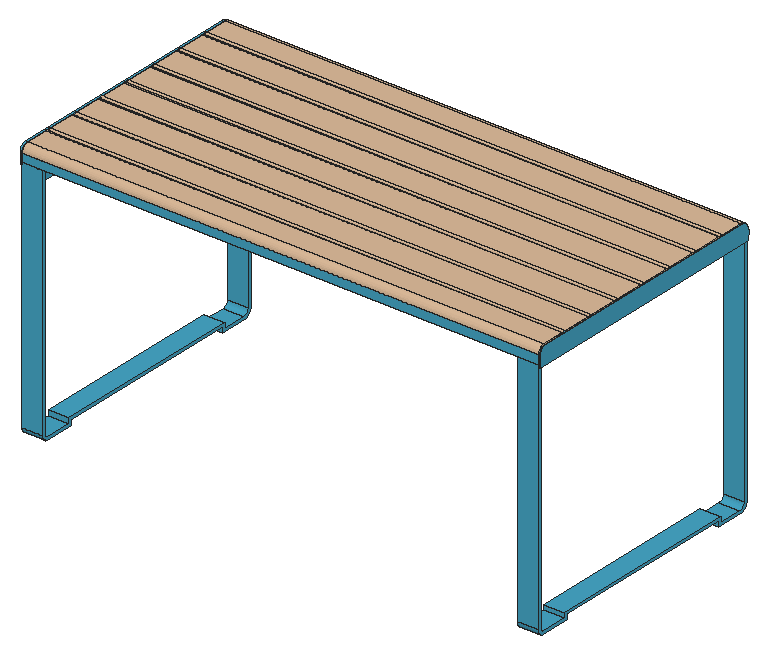
Revit family "product code 61212-S-L", category Meble, Revit 2021
Family settings
  Numer OmniClass = 23.40.20.00
  Tytuł OmniClass = General Furniture and Specialties
  Oparty na płaszczyźnie roboczej = Nie
  Zawsze pionowo = Tak
  Tnij formami wycięć po wczytaniu = Nie
  Współdzielony = Nie
  Punkt obliczania pomieszczeń = Nie
Parameters (values of type "61212-S-L")
  wood = Kobenhagen Wood - Larch
  metal = Kobenhagen RAL 5012
  Width = "75 cm"
  Weight = "55 kg"
  URL = "https://kobenhagen.com/en_US/p/Frederiksberg-Table-4-6-Seats/145"
  Product line = "Frederiksberg"
  Product Groups = "Tables"
  Producent = "Lars Laj"
  Keynote = ""
  Opis = "Frederiksberg Table 4-6 Seats"
  Model = "61212-S-L"
  Material = "Larch, stainless steel, powder coated steel"
  Maintenance = "We recommend to examine and tighten all screws and bolt clamps after a few weeks’ use. In order to prevent cracks and to extend the life of the wood, it is recommended that the wood details should be oiled every 3-5 years."
  Lenght = "150 cm"
  Type Comments = ""
  Kobenhagen Materials = "larslaj.com/bim"
  Hosted on larslaj.com = "https://larslaj.com/bim"
  Height = "75 cm"
  Domyślna rzędna = 0 mm
  Copyright = "All designs and drawings are the intellectual property of Lars Laj A/S and are protected by Danish and international copyright laws."
Reference planes
  plane 1 "front": y = 0
  plane 2: z = 0
  plane 3 "Środek (Lewa/Prawa)": x = 0
  plane 4 "left": x = -745.625
  plane 5 "right": x = 745.938
  plane 6 "back": y = 400
  plane 7: x = -685.625
  plane 8: x = 685.937
  plane 9: z = 705.918
Forms (mm)
  Extrusion 1, solid, material "Kobenhagen Wood - Larch" <- "wood"
    sketch origin (0, -51.366, 319.828) x (0, 1, 0) y (0, 0, 1)
      loop
        arc (244.222, 429.703) -> (240.686, 428.239) -> (239.222, 424.703) r 5
        line (239.222, 424.703) -> (239.222, 388.972)
        arc (239.222, 388.972) -> (239.796, 387.586) -> (241.182, 387.012) r 1.96
        line (241.182, 387.012) -> (327.222, 387.012)
        arc (327.222, 387.012) -> (328.636, 387.598) -> (329.222, 389.012) r 2
        line (329.222, 389.012) -> (329.222, 424.703)
        arc (329.222, 424.703) -> (327.757, 428.239) -> (324.222, 429.703) r 5
        line (324.222, 429.703) -> (244.222, 429.703)
    from -745.625 to 745.937
  Extrusion 2, solid, material "Kobenhagen Wood - Larch" <- "wood"
    sketch origin (0, -153.815, 319.828) x (0, 1, 0) y (0, 0, 1)
      loop
        arc (252.671, 429.703) -> (249.136, 428.239) -> (247.671, 424.703) r 5
        line (247.671, 424.703) -> (247.671, 388.972)
        arc (247.671, 388.972) -> (248.245, 387.586) -> (249.631, 387.012) r 1.96
        line (249.631, 387.012) -> (335.671, 387.012)
        arc (335.671, 387.012) -> (337.085, 387.598) -> (337.671, 389.012) r 2
        line (337.671, 389.012) -> (337.671, 424.703)
        arc (337.671, 424.703) -> (336.207, 428.239) -> (332.671, 429.703) r 5
        line (332.671, 429.703) -> (252.671, 429.703)
    from -745.625 to 745.937
  Extrusion 3, solid, material "Kobenhagen Wood - Larch" <- "wood"
    sketch origin (0, -256.002, 319.828) x (0, 1, 0) y (0, 0, 1)
      loop
        arc (275.801, 429.704) -> (261.616, 423.828) -> (255.74, 409.642) r 20.061
        line (255.74, 409.642) -> (258.916, 409.642) -> (258.916, 387.013) -> (344.172, 387.013)
        arc (344.172, 387.013) -> (345.585, 387.598) -> (346.171, 389.012) r 1.999
        line (346.171, 389.012) -> (346.171, 424.706)
        arc (346.171, 424.706) -> (344.707, 428.24) -> (341.173, 429.704) r 4.998
        line (341.173, 429.704) -> (275.801, 429.704)
    from -745.625 to 745.937
  Extrusion 4, solid, material "Kobenhagen RAL 5012" <- "metal", not visible
    sketch origin (0, 0, 0) x (0, 1, 0) y (0, 0, 1)
      loop
        arc (71.187, 451.5) -> (57.045, 445.642) -> (51.187, 431.5) r 20
        line (51.187, 431.5) -> (51.187, 18.231)
        arc (51.187, 18.231) -> (56.527, 5.34) -> (69.418, 0) r 18.231
        line (69.418, 0) -> (153.638, 0) -> (153.638, 15) -> (448.638, 15) -> (448.638, 0) -> (527.023, 0)
        arc (527.023, 0) -> (542.307, 6.331) -> (548.638, 21.615) r 21.615
        line (548.638, 21.615) -> (548.638, 429.407)
        arc (548.638, 429.407) -> (542.168, 445.029) -> (526.545, 451.5) r 22.093
        line (526.545, 451.5) -> (71.187, 451.5)
    from 750.378 to 745
  Extrusion 5, solid, material "Kobenhagen RAL 5012" <- "metal", not visible
    sketch origin (0, 0, 0) x (0, 1, 0) y (0, 0, 1)
      loop
        line (548.638, 396.844) -> (629.375, 854.725) -> (601.836, 859.581)
        arc (601.836, 859.581) -> (585.224, 855.898) -> (576.082, 841.547) r 22.232
        line (576.082, 841.547) -> (507.306, 451.5) -> (526.545, 451.5)
        arc (526.545, 451.5) -> (542.168, 445.029) -> (548.638, 429.407) r 22.093
        line (548.638, 429.407) -> (548.638, 396.844)
    from 745 to 750.378
  Extrusion 6, solid, material "Kobenhagen RAL 5012" <- "metal"
    sketch origin (0, -51.25, 0) x (0, -1, 0) y (0, 0, 1)
      loop
        line (-71.187, 749.531) -> (-779.045, 749.531)
        arc (-779.045, 749.531) -> (-794.668, 743.06) -> (-801.138, 727.438) r 22.093
        line (-801.138, 727.438) -> (-801.138, 697.931) -> (-51.187, 697.931) -> (-51.187, 729.531)
        arc (-51.187, 729.531) -> (-57.045, 743.673) -> (-71.187, 749.531) r 20
    from 750.725 to 745.625
  Extrusion 7, solid, material "Kobenhagen RAL 5012" <- "metal"
    sketch origin (0, -51.25, 0) x (0, 1, 0) y (0, 0, 1)
      loop
        line (801.138, 23.296) -> (801.138, 704.508) -> (51.187, 704.508) -> (51.187, 18.763)
        arc (51.187, 18.763) -> (56.683, 5.495) -> (69.95, 0) r 18.763
        line (69.95, 0) -> (153.638, 0) -> (153.638, 15) -> (701.138, 15) -> (701.138, 0) -> (777.842, 0)
        arc (777.842, 0) -> (794.315, 6.823) -> (801.138, 23.296) r 23.296
      loop
        line (58.687, 697.931) -> (58.687, 18.763)
        arc (58.687, 18.763) -> (61.986, 10.799) -> (69.95, 7.5) r 11.263
        line (69.95, 7.5) -> (146.138, 7.5) -> (146.138, 22.5) -> (708.638, 22.5) -> (708.638, 7.5) -> (777.842, 7.5)
        arc (777.842, 7.5) -> (789.012, 12.127) -> (793.638, 23.296) r 15.796
        line (793.638, 23.296) -> (793.638, 697.931) -> (58.687, 697.931)
    from -745.625 to -685.625
  Extrusion 8, solid, material "Kobenhagen RAL 5012" <- "metal"
    sketch origin (0, -51.335, 298.368) x (0, 1, 0) y (0, 0, 1)
      loop
        line (53.936, 431.102) -> (51.187, 431.102) -> (51.187, 406.163) -> (74.817, 406.163) -> (74.817, 408.472) -> (53.936, 408.472) -> (53.936, 431.102)
    from -745.625 to 745.937
  Extrusion 9, solid, material "Kobenhagen Wood - Larch" <- "wood"
    sketch origin (0, 1006.419, 319.828) x (0, -1, 0) y (0, 0, -1)
      loop
        line (275.801, -429.704) -> (342.815, -429.704)
        arc (342.815, -429.704) -> (346.349, -428.24) -> (347.813, -424.706) r 4.998
        line (347.813, -424.706) -> (347.813, -389.012)
        arc (347.813, -389.012) -> (347.227, -387.598) -> (345.813, -387.013) r 1.999
        line (345.813, -387.013) -> (258.705, -387.013) -> (258.705, -409.642) -> (255.74, -409.642)
        arc (255.74, -409.642) -> (261.616, -423.828) -> (275.801, -429.704) r 20.061
    from -745.625 to 745.938
  Extrusion 10, solid, material "Kobenhagen Wood - Larch" <- "wood"
    sketch origin (0, 137.384, 319.828) x (0, 1, 0) y (0, 0, 1)
      loop
        arc (244.222, 429.703) -> (240.686, 428.239) -> (239.222, 424.703) r 5
        line (239.222, 424.703) -> (239.222, 388.972)
        arc (239.222, 388.972) -> (239.796, 387.586) -> (241.182, 387.012) r 1.96
        line (241.182, 387.012) -> (327.222, 387.012)
        arc (327.222, 387.012) -> (328.636, 387.598) -> (329.222, 389.012) r 2
        line (329.222, 389.012) -> (329.222, 424.703)
        arc (329.222, 424.703) -> (327.757, 428.239) -> (324.222, 429.703) r 5
        line (324.222, 429.703) -> (244.222, 429.703)
    from -745.625 to 745.937
  Extrusion 11, solid, material "Kobenhagen Wood - Larch" <- "wood"
    sketch origin (0, 34.935, 319.828) x (0, 1, 0) y (0, 0, 1)
      loop
        arc (252.671, 429.703) -> (249.136, 428.239) -> (247.671, 424.703) r 5
        line (247.671, 424.703) -> (247.671, 388.972)
        arc (247.671, 388.972) -> (248.245, 387.586) -> (249.631, 387.012) r 1.96
        line (249.631, 387.012) -> (335.671, 387.012)
        arc (335.671, 387.012) -> (337.085, 387.598) -> (337.671, 389.012) r 2
        line (337.671, 389.012) -> (337.671, 424.703)
        arc (337.671, 424.703) -> (336.207, 428.239) -> (332.671, 429.703) r 5
        line (332.671, 429.703) -> (252.671, 429.703)
    from -745.625 to 745.937
  Extrusion 12, solid, material "Kobenhagen Wood - Larch" <- "wood"
    sketch origin (0, 325.384, 319.828) x (0, 1, 0) y (0, 0, 1)
      loop
        arc (244.222, 429.703) -> (240.686, 428.239) -> (239.222, 424.703) r 5
        line (239.222, 424.703) -> (239.222, 388.972)
        arc (239.222, 388.972) -> (239.796, 387.586) -> (241.182, 387.012) r 1.96
        line (241.182, 387.012) -> (327.222, 387.012)
        arc (327.222, 387.012) -> (328.636, 387.598) -> (329.222, 389.012) r 2
        line (329.222, 389.012) -> (329.222, 424.703)
        arc (329.222, 424.703) -> (327.757, 428.239) -> (324.222, 429.703) r 5
        line (324.222, 429.703) -> (244.222, 429.703)
    from -745.625 to 745.937
  Extrusion 13, solid, material "Kobenhagen Wood - Larch" <- "wood"
    sketch origin (0, 222.31, 319.828) x (0, 1, 0) y (0, 0, 1)
      loop
        arc (252.671, 429.703) -> (249.136, 428.239) -> (247.671, 424.703) r 5
        line (247.671, 424.703) -> (247.671, 388.972)
        arc (247.671, 388.972) -> (248.245, 387.586) -> (249.631, 387.012) r 1.96
        line (249.631, 387.012) -> (335.671, 387.012)
        arc (335.671, 387.012) -> (337.085, 387.598) -> (337.671, 389.012) r 2
        line (337.671, 389.012) -> (337.671, 424.703)
        arc (337.671, 424.703) -> (336.207, 428.239) -> (332.671, 429.703) r 5
        line (332.671, 429.703) -> (252.671, 429.703)
    from -745.625 to 745.937
  Extrusion 14, solid, material "Kobenhagen Wood - Larch" <- "wood", not visible
    sketch origin (0, -896.088, 385.255) x (0, 1, 0) y (0, 0, 1)
      loop
        arc (244.222, 429.703) -> (240.686, 428.239) -> (239.222, 424.703) r 5
        line (239.222, 424.703) -> (239.222, 388.972)
        arc (239.222, 388.972) -> (239.796, 387.586) -> (241.182, 387.012) r 1.96
        line (241.182, 387.012) -> (327.222, 387.012)
        arc (327.222, 387.012) -> (328.636, 387.598) -> (329.222, 389.012) r 2
        line (329.222, 389.012) -> (329.222, 424.703)
        arc (329.222, 424.703) -> (327.757, 428.239) -> (324.222, 429.703) r 5
        line (324.222, 429.703) -> (244.222, 429.703)
    from -745.625 to 745.937
  Extrusion 15, solid, material "Kobenhagen Wood - Larch" <- "wood", not visible
    sketch origin (0, -998.538, 385.255) x (0, 1, 0) y (0, 0, 1)
      loop
        arc (252.671, 429.703) -> (249.136, 428.239) -> (247.671, 424.703) r 5
        line (247.671, 424.703) -> (247.671, 388.972)
        arc (247.671, 388.972) -> (248.245, 387.586) -> (249.631, 387.012) r 1.96
        line (249.631, 387.012) -> (335.671, 387.012)
        arc (335.671, 387.012) -> (337.085, 387.598) -> (337.671, 389.012) r 2
        line (337.671, 389.012) -> (337.671, 424.703)
        arc (337.671, 424.703) -> (336.207, 428.239) -> (332.671, 429.703) r 5
        line (332.671, 429.703) -> (252.671, 429.703)
    from -745.625 to 745.937
  Extrusion 16, solid, material "Kobenhagen Wood - Larch" <- "wood", not visible
    sketch origin (0, -1101.038, 385.255) x (0, 1, 0) y (0, 0, 1)
      loop
        arc (275.801, 429.704) -> (261.616, 423.828) -> (255.74, 409.642) r 20.061
        line (255.74, 409.642) -> (258.916, 409.642) -> (258.916, 387.013) -> (344.172, 387.013)
        arc (344.172, 387.013) -> (345.585, 387.598) -> (346.171, 389.012) r 1.999
        line (346.171, 389.012) -> (346.171, 424.706)
        arc (346.171, 424.706) -> (344.707, 428.24) -> (341.173, 429.704) r 4.998
        line (341.173, 429.704) -> (275.801, 429.704)
    from -745.625 to 745.937
  Extrusion 17, solid, material "Kobenhagen RAL 5012" <- "metal", not visible
    sketch origin (0, -896.058, 363.795) x (0, 1, 0) y (0, 0, 1)
      loop
        line (53.936, 431.102) -> (51.187, 431.102) -> (51.187, 407.787) -> (53.936, 407.787) -> (53.936, 431.102)
    from -745.625 to 745.937
  Extrusion 18, solid, material "Kobenhagen Wood - Larch" <- "wood", not visible
    sketch origin (0, 162.946, 385.255) x (0, -1, 0) y (0, 0, -1)
      loop
        line (275.801, -429.704) -> (342.815, -429.704)
        arc (342.815, -429.704) -> (346.349, -428.24) -> (347.813, -424.706) r 4.998
        line (347.813, -424.706) -> (347.813, -389.012)
        arc (347.813, -389.012) -> (347.227, -387.598) -> (345.813, -387.013) r 1.999
        line (345.813, -387.013) -> (258.705, -387.013) -> (258.705, -409.642) -> (255.74, -409.642)
        arc (255.74, -409.642) -> (261.616, -423.828) -> (275.801, -429.704) r 20.061
    from -745.625 to 745.938
  Extrusion 19, solid, material "Kobenhagen RAL 5012" <- "metal", not visible
    sketch origin (0, -41.823, 363.795) x (0, -1, 0) y (0, 0, -1)
      loop
        line (53.936, -431.102) -> (53.936, -407.787) -> (51.187, -407.787) -> (51.187, -431.102) -> (53.936, -431.102)
    from -745.625 to 745.938
  Extrusion 20, solid, material "Kobenhagen Wood - Larch" <- "wood", not visible
    sketch origin (0, -707.338, 385.255) x (0, 1, 0) y (0, 0, 1)
      loop
        arc (244.222, 429.703) -> (240.686, 428.239) -> (239.222, 424.703) r 5
        line (239.222, 424.703) -> (239.222, 388.972)
        arc (239.222, 388.972) -> (239.796, 387.586) -> (241.182, 387.012) r 1.96
        line (241.182, 387.012) -> (327.222, 387.012)
        arc (327.222, 387.012) -> (328.636, 387.598) -> (329.222, 389.012) r 2
        line (329.222, 389.012) -> (329.222, 424.703)
        arc (329.222, 424.703) -> (327.757, 428.239) -> (324.222, 429.703) r 5
        line (324.222, 429.703) -> (244.222, 429.703)
    from -745.625 to 745.937
  Extrusion 21, solid, material "Kobenhagen Wood - Larch" <- "wood", not visible
    sketch origin (0, -809.788, 385.255) x (0, 1, 0) y (0, 0, 1)
      loop
        arc (252.671, 429.703) -> (249.136, 428.239) -> (247.671, 424.703) r 5
        line (247.671, 424.703) -> (247.671, 388.972)
        arc (247.671, 388.972) -> (248.245, 387.586) -> (249.631, 387.012) r 1.96
        line (249.631, 387.012) -> (335.671, 387.012)
        arc (335.671, 387.012) -> (337.085, 387.598) -> (337.671, 389.012) r 2
        line (337.671, 389.012) -> (337.671, 424.703)
        arc (337.671, 424.703) -> (336.207, 428.239) -> (332.671, 429.703) r 5
        line (332.671, 429.703) -> (252.671, 429.703)
    from -745.625 to 745.937
  Extrusion 22, solid, material "Kobenhagen Wood - Larch" <- "wood", not visible
    sketch origin (0, -519.338, 385.255) x (0, 1, 0) y (0, 0, 1)
      loop
        arc (244.222, 429.703) -> (240.686, 428.239) -> (239.222, 424.703) r 5
        line (239.222, 424.703) -> (239.222, 388.972)
        arc (239.222, 388.972) -> (239.796, 387.586) -> (241.182, 387.012) r 1.96
        line (241.182, 387.012) -> (327.222, 387.012)
        arc (327.222, 387.012) -> (328.636, 387.598) -> (329.222, 389.012) r 2
        line (329.222, 389.012) -> (329.222, 424.703)
        arc (329.222, 424.703) -> (327.757, 428.239) -> (324.222, 429.703) r 5
        line (324.222, 429.703) -> (244.222, 429.703)
    from -745.625 to 745.937
  Extrusion 23, solid, material "Kobenhagen Wood - Larch" <- "wood", not visible
    sketch origin (0, -621.788, 385.255) x (0, 1, 0) y (0, 0, 1)
      loop
        arc (252.671, 429.703) -> (249.136, 428.239) -> (247.671, 424.703) r 5
        line (247.671, 424.703) -> (247.671, 388.972)
        arc (247.671, 388.972) -> (248.245, 387.586) -> (249.631, 387.012) r 1.96
        line (249.631, 387.012) -> (335.671, 387.012)
        arc (335.671, 387.012) -> (337.085, 387.598) -> (337.671, 389.012) r 2
        line (337.671, 389.012) -> (337.671, 424.703)
        arc (337.671, 424.703) -> (336.207, 428.239) -> (332.671, 429.703) r 5
        line (332.671, 429.703) -> (252.671, 429.703)
    from -745.625 to 745.937
  Extrusion 24, solid, material "Kobenhagen RAL 5012" <- "metal"
    sketch origin (0, -51.25, 0) x (0, 1, 0) y (0, 0, -1)
      loop
        arc (801.138, -23.296) -> (794.315, -6.823) -> (777.842, 0) r 23.296
        line (777.842, 0) -> (701.138, 0) -> (701.138, -15) -> (153.638, -15) -> (153.638, 0) -> (69.95, 0)
        arc (69.95, 0) -> (56.683, -5.495) -> (51.187, -18.763) r 18.763
        line (51.187, -18.763) -> (51.187, -704.508) -> (801.138, -704.508) -> (801.138, -23.296)
      loop
        line (58.687, -697.931) -> (793.638, -697.931) -> (793.638, -23.296)
        arc (793.638, -23.296) -> (789.012, -12.127) -> (777.842, -7.5) r 15.796
        line (777.842, -7.5) -> (708.638, -7.5) -> (708.638, -22.5) -> (146.138, -22.5) -> (146.138, -7.5) -> (69.95, -7.5)
        arc (69.95, -7.5) -> (61.986, -10.799) -> (58.687, -18.763) r 11.263
        line (58.687, -18.763) -> (58.687, -697.931)
    from -745.625 to -685.625
  Extrusion 25, solid, material "Kobenhagen RAL 5012" <- "metal"
    sketch origin (0, 0, 0) x (1, 0, 0) y (0, 1, 0)
      loop
        line (33.187, 23.482) -> (33.187, 726.792) -> (-26.813, 726.792) -> (-26.813, 23.482) -> (33.187, 23.482)
    from 704.508 to 706.84
  Extrusion 26, solid, material "Kobenhagen RAL 5012" <- "metal"
    sketch origin (0, 801.61, 298.368) x (0, -1, 0) y (0, 0, -1)
      loop
        line (53.936, -431.102) -> (53.936, -408.472) -> (74.817, -408.472) -> (74.817, -406.163) -> (51.187, -406.163) -> (51.187, -431.102) -> (53.936, -431.102)
    from -745.625 to 745.937
  Extrusion 27, solid, material "Kobenhagen RAL 5012" <- "metal"
    sketch origin (0, -51.25, 0) x (0, -1, 0) y (0, 0, -1)
      loop
        arc (-71.187, -749.531) -> (-57.045, -743.673) -> (-51.187, -729.531) r 20
        line (-51.187, -729.531) -> (-51.187, -697.931) -> (-801.138, -697.931) -> (-801.138, -727.438)
        arc (-801.138, -727.438) -> (-794.668, -743.06) -> (-779.045, -749.531) r 22.093
        line (-779.045, -749.531) -> (-71.187, -749.531)
    from 750.725 to 745.625
  Extrusion 28, solid, material "Kobenhagen RAL 5012"
    sketch origin (0, 0, 0) x (1, 0, 0) y (0, 0, 1)
      loop
        line (704.184, 704.508) -> (698.184, 704.508) -> (698.184, 665.26) -> (704.184, 665.26) -> (704.184, 704.508)
    from -742.388 to -7.437
  Extrusion 29, solid, material "Kobenhagen RAL 5012"
    sketch origin (0, 0, 0) x (-1, 0, 0) y (0, 0, -1)
      loop
        line (704.184, -704.508) -> (704.184, -665.26) -> (698.184, -665.26) -> (698.184, -704.508) -> (704.184, -704.508)
    from -742.388 to -7.437
  Extrusion 30, solid, material "Kobenhagen RAL 5012"
    sketch origin (14.003, 842.5, 0) x (0, 1, 0) y (0, 0, 1)
      loop
        line (-818.475, 704.508) -> (-780.227, 666.26) -> (-164.793, 666.26) -> (-115.838, 704.508) -> (-818.475, 704.508)
    from 15.184 to 19.184
  Extrusion 31, solid, material "Kobenhagen RAL 5012" <- "metal"
    sketch origin (-671.37, 0, 0) x (1, 0, 0) y (0, 1, 0)
      loop
        line (33.187, 23.482) -> (33.187, 726.792) -> (-26.813, 726.792) -> (-26.813, 23.482) -> (33.187, 23.482)
    from 704.508 to 706.84
  Extrusion 32, solid, material "Kobenhagen RAL 5012" <- "metal"
    sketch origin (671.37, 0, 0) x (-1, 0, 0) y (0, -1, 0)
      loop
        line (33.187, -23.482) -> (-26.813, -23.482) -> (-26.813, -726.792) -> (33.187, -726.792) -> (33.187, -23.482)
    from 704.508 to 706.84
Lines and regions (mm)
  model lines, style "9"
    curve 1: line (264.233, -99.489, 0) -> (264.233, -93.489, 0)
    curve 2: line (264.233, -399.489, 0) -> (264.233, -405.489, 0)
    curve 3: line (-304.767, -99.489, 0) -> (-304.767, -93.489, 0)
    curve 4: line (-304.767, -399.489, 0) -> (-304.767, -405.489, 0)
    curve 5: line (-281.767, -99.489, 0) -> (-281.767, -93.489, 0)
    curve 6: line (-281.767, -399.489, 0) -> (-281.767, -405.489, 0)
    curve 9: line (0, -245.5, 21) -> (0, -239.5, 21)
    curve 10: line (0, -445.5, 21) -> (0, -451.5, 21)
    curve 11: line (0, -194.867, 21.088) -> (0, -188.867, 21.088)
    curve 12: line (0, -744.867, 21.088) -> (0, -750.867, 21.088)
  model lines, style "8"
    curve 7: line (0, -170.5, 1054) -> (0, -158, 1054)
    curve 8: line (0, -170.5, 1054) -> (0, -158, 1054)
Dimensions and locks
  Extrusion 1 sketch curve to Extrusion 1 sketch curve = 90 mm
  Extrusion 1 sketch curve to Extrusion 1 sketch curve = 42.691 mm
  Extrusion 2 sketch curve to Extrusion 2 sketch curve = 90 mm
  Extrusion 2 sketch curve to Extrusion 2 sketch curve = 42.691 mm
  Extrusion 3 sketch curve to Extrusion 3 sketch curve = 42.691 mm
  Extrusion 9 sketch curve to Extrusion 9 sketch curve = 42.691 mm
  Extrusion 10 sketch curve to Extrusion 10 sketch curve = 90 mm
  Extrusion 10 sketch curve to Extrusion 10 sketch curve = 42.691 mm
  Extrusion 11 sketch curve to Extrusion 11 sketch curve = 90 mm
  Extrusion 11 sketch curve to Extrusion 11 sketch curve = 42.691 mm
  Extrusion 12 sketch curve to Extrusion 12 sketch curve = 90 mm
  Extrusion 12 sketch curve to Extrusion 12 sketch curve = 42.691 mm
  Extrusion 13 sketch curve to Extrusion 13 sketch curve = 90 mm
  Extrusion 13 sketch curve to Extrusion 13 sketch curve = 42.691 mm
  Extrusion 14 sketch curve to Extrusion 14 sketch curve = 90 mm
  Extrusion 14 sketch curve to Extrusion 14 sketch curve = 42.691 mm
  Extrusion 15 sketch curve to Extrusion 15 sketch curve = 90 mm
  Extrusion 15 sketch curve to Extrusion 15 sketch curve = 42.691 mm
  Extrusion 16 sketch curve to Extrusion 16 sketch curve = 42.691 mm
  Extrusion 18 sketch curve to Extrusion 18 sketch curve = 42.691 mm
  Extrusion 20 sketch curve to Extrusion 20 sketch curve = 90 mm
  Extrusion 20 sketch curve to Extrusion 20 sketch curve = 42.691 mm
  Extrusion 21 sketch curve to Extrusion 21 sketch curve = 90 mm
  Extrusion 21 sketch curve to Extrusion 21 sketch curve = 42.691 mm
  Extrusion 22 sketch curve to Extrusion 22 sketch curve = 90 mm
  Extrusion 22 sketch curve to Extrusion 22 sketch curve = 42.691 mm
  Extrusion 23 sketch curve to Extrusion 23 sketch curve = 90 mm
  Extrusion 23 sketch curve to Extrusion 23 sketch curve = 42.691 mm
  Extrusion 7 sketch curve to Extrusion 6 = 749.951 mm
  aligned and locked: level to plane 2
  aligned and locked: plane 5 "right" to Extrusion 1
  aligned and locked: Extrusion 1 to plane 4 "left"
  aligned and locked: plane 5 "right" to Extrusion 2
  aligned and locked: plane 5 "right" to Extrusion 3
  aligned and locked: Extrusion 2 to plane 4 "left"
  aligned and locked: Extrusion 3 to plane 4 "left"
  aligned and locked: plane 4 "left" to Extrusion 6
  aligned and locked: Extrusion 7 to plane 4 "left"
  aligned and locked: plane 7 to Extrusion 7
  aligned and locked: Extrusion 8 to plane 4 "left"
  aligned and locked: plane 5 "right" to Extrusion 8
  aligned and locked: plane 5 "right" to Extrusion 9
